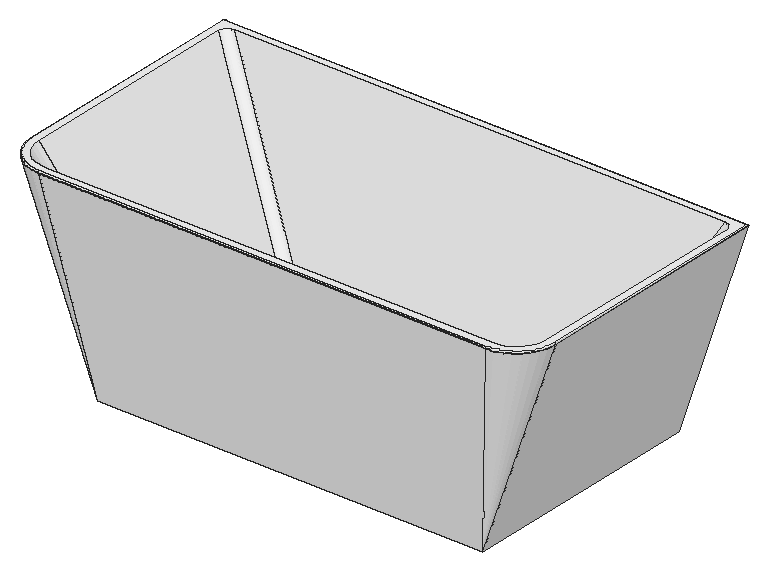
Revit family "Plum Fix_Bath_Argent_Vista 1500 BTW Freestanding", category Plumbing Fixtures, Revit 2016
Family settings
  Part Type = Normal
  Round Connector Dimension = Use Diameter
  OmniClass Number = 23.45.05.14.21
  OmniClass Title = Bathtubs
  Work Plane-Based = No
  Always vertical = Yes
  Cut with Voids When Loaded = Yes
  Shared = No
  Room Calculation Point = No
Parameters (values of type "White")
  Waste Connection = yes
  WFU = 0
  Vent Connection = no
  URL = "https://www.argentaust.com.au/"
  Type Comments = "White Gloss Finish"
  ModifiedIssue_ANZRS = 20190423
  Model = "FS830115"  # constant formula
  Manufacturer_URL__Product Specific = "https://www.argentaust.com.au/argent-baths-freestanding-vista-1500-btw-freestanding-bath?item=9908"
  Manufacturer_Spec Code = Model  # "FS830115"
  Manufacturer_Overall Width = 1500 mm  # constant formula
  Manufacturer_Overall Height = 600 mm  # constant formula
  Manufacturer_Overall Depth = 800 mm  # constant formula
  Manufacturer_Height From FFL [instance] = 0 mm
  Manufacturer = "Argent"  # constant formula
  Keynote = ""
  HWFU = 0
  HW Connection = no
  Description = "Vista 1500 BTW FS Bath N OF"  # constant formula
  CreatedBy_ANZRS = "IGS BIM Solutions"  # constant formula
  CreatedByURL_ANZRS = "https://igsgroup.com.au/"
  Cost = 0
  CWFU = 0
  CW Connection = no
  Body Material = z_Argent_Ceramic White
  Assembly Code = ""
Reference planes
  plane 1 "Ref. Level": z = 0
  plane 2 "Center (Left/Right)": x = -4.48
  plane 3 "Left": x = -754.48
  plane 4 "Right": x = 745.52
  plane 5 "Center (Front/Back)": y = -400.5
  plane 6 "Back": y = -0.5
  plane 7 "Bottom": z = 0
  plane 8 "Front": y = -800.5
  plane 9 "Top": z = 600
  plane 10 "Bottom Offset": z = 120
Forms (mm)
  Revolve 1, void
    sketch origin (4267.2, -400.5, 2852.183) x (0, 0, 1) y (1, 0, 0)
      loop
        line (-2852.183, -4271.68) -> (-2852.183, -4296.68) -> (-2747.183, -4296.68) -> (-2747.183, -4306.68)
        arc (-2747.183, -4306.68) -> (-2744.254, -4313.751) -> (-2737.183, -4316.68) r 10
        line (-2737.183, -4316.68) -> (-2732.183, -4316.68) -> (-2732.183, -4271.68) -> (-2852.183, -4271.68)
      axis (-2732.183, -4271.68) -> (-2852.183, -4271.68)
    angle from 0 to 360
  Blend 2, solid, material "z_Argent_Ceramic White" <- "Body Material"
    base sketch origin (0, 0, 600) x (0, 1, 0) y (-1, 0, 0)
      loop
        line (-0.5, 554.48) -> (-700.5, 554.48) -> (-700.5, -545.52) -> (-0.5, -545.52) -> (-0.5, 554.48)
    top sketch origin (0, 0, 600) x (0, 1, 0) y (-1, 0, 0)
      loop
        line (-0.5, 754.48) -> (-690.5, 754.48)
        arc (-690.5, 754.48) -> (-768.282, 722.262) -> (-800.5, 644.48) r 110
        line (-800.5, 644.48) -> (-800.5, -635.52)
        arc (-800.5, -635.52) -> (-768.282, -713.302) -> (-690.5, -745.52) r 110
        line (-690.5, -745.52) -> (-0.5, -745.52) -> (-0.5, 754.48)
    from -600 to -5
  Blend 3, void
    base sketch origin (0, 0, 600) x (0, 1, 0) y (-1, 0, 0)
      loop
        arc (-150.5, 429.48) -> (-157.822, 447.158) -> (-175.5, 454.48) r 25
        line (-175.5, 454.48) -> (-600.5, 454.48)
        arc (-600.5, 454.48) -> (-635.855, 439.835) -> (-650.5, 404.48) r 50
        line (-650.5, 404.48) -> (-650.5, -395.52)
        arc (-650.5, -395.52) -> (-635.855, -430.875) -> (-600.5, -445.52) r 50
        line (-600.5, -445.52) -> (-175.5, -445.52)
        arc (-175.5, -445.52) -> (-157.822, -438.198) -> (-150.5, -420.52) r 25
        line (-150.5, -420.52) -> (-150.5, 429.48)
    top sketch origin (0, 0, 600) x (0, 1, 0) y (-1, 0, 0)
      loop
        arc (-23.5, 704.48) -> (-31.408, 723.572) -> (-50.5, 731.48) r 27
        line (-50.5, 731.48) -> (-690.5, 731.48)
        arc (-690.5, 731.48) -> (-752.018, 705.998) -> (-777.5, 644.48) r 87
        line (-777.5, 644.48) -> (-777.5, -635.52)
        arc (-777.5, -635.52) -> (-752.018, -697.038) -> (-690.5, -722.52) r 87
        line (-690.5, -722.52) -> (-50.5, -722.52)
        arc (-50.5, -722.52) -> (-31.408, -714.612) -> (-23.5, -695.52) r 27
        line (-23.5, -695.52) -> (-23.5, 704.48)
    from -480 to 0
  Extrusion 4, solid, material "z_Argent_Ceramic White" <- "Body Material"
    sketch origin (0, 0, 600) x (0, 1, 0) y (-1, 0, 0)
      loop
        line (-0.5, 754.48) -> (-690.5, 754.48)
        arc (-690.5, 754.48) -> (-768.282, 722.262) -> (-800.5, 644.48) r 110
        line (-800.5, 644.48) -> (-800.5, -635.52)
        arc (-800.5, -635.52) -> (-768.282, -713.302) -> (-690.5, -745.52) r 110
        line (-690.5, -745.52) -> (-0.5, -745.52) -> (-0.5, 754.48)
      loop
        arc (-25.5, 707.622) -> (-34.982, 722.709) -> (-51.802, 728.595) r 26.979
        line (-51.802, 728.595) -> (-689.563, 728.595)
        arc (-689.563, 728.595) -> (-746.859, 706.935) -> (-775.5, 652.789) r 86.615
        line (-775.5, 652.789) -> (-775.5, -643.829)
        arc (-775.5, -643.829) -> (-746.859, -697.975) -> (-689.563, -719.635) r 86.615
        line (-689.563, -719.635) -> (-51.802, -719.635)
        arc (-51.802, -719.635) -> (-34.982, -713.75) -> (-25.5, -698.662) r 26.979
        line (-25.5, -698.662) -> (-25.5, 707.622)
    from 0 to -5
  Sweep 5, void
    path origin (0, 0, 600) x (0, 1, 0) y (-1, 0, 0)
      loop
        line (-0.5, 754.48) -> (-690.5, 754.48)
        arc (-690.5, 754.48) -> (-768.282, 722.262) -> (-800.5, 644.48) r 110
        line (-800.5, 644.48) -> (-800.5, -635.52)
        arc (-800.5, -635.52) -> (-768.282, -713.302) -> (-690.5, -745.52) r 110
        line (-690.5, -745.52) -> (-0.5, -745.52) -> (-0.5, 754.48)
    profile origin (-4.48, -0.5, 600) x (0, 1, 0) y (0, 0, 1)
      loop
        line (0, 0) -> (-3, 0)
        arc (-3, 0) -> (-0.879, -0.879) -> (0, -3) r 3
        line (0, -3) -> (0, 0)
Cuts and joins
  Revolve 1, Blend 3 cuts Blend 2
  Blend 3, Sweep 5 cuts Extrusion 4
  joined: Blend 2, Extrusion 4
Lines and regions (mm)
  Masking region 1
    outline origin (745.52, 0, 0) x (0, 1, 0) y (0, 0, 1)
      loop
        line (-700.5, 0) -> (-0.5, 0) -> (-0.5, 597)
        arc (-0.5, 597) -> (-1.379, 599.121) -> (-3.5, 600) r 3
        line (-3.5, 600) -> (-797.5, 600)
        arc (-797.5, 600) -> (-799.621, 599.121) -> (-800.5, 597) r 3
        line (-800.5, 597) -> (-800.5, 595) -> (-700.5, 0)
  Masking region 2
    outline origin (0, -800.5, 0) x (0, 0, 1) y (-1, 0, 0)
      loop
        line (0, 554.48) -> (0, -545.52) -> (595, -745.52) -> (597, -745.52)
        arc (597, -745.52) -> (599.121, -744.641) -> (600, -742.52) r 3
        line (600, -742.52) -> (600, 751.48)
        arc (600, 751.48) -> (599.121, 753.601) -> (597, 754.48) r 3
        line (597, 754.48) -> (595, 754.48) -> (0, 554.48)
  Masking region 3
    outline origin (0, 0, 600) x (0, 1, 0) y (-1, 0, 0)
      loop
        arc (-690.5, 754.48) -> (-768.282, 722.262) -> (-800.5, 644.48) r 110
        line (-800.5, 644.48) -> (-800.5, -635.52)
        arc (-800.5, -635.52) -> (-768.282, -713.302) -> (-690.5, -745.52) r 110
        line (-690.5, -745.52) -> (-0.5, -745.52) -> (-0.5, 754.48) -> (-690.5, 754.48)
  symbolic lines, style "Basins/Sinks/Tubs", detail levels medium+fine
    curve 1: circle (-4.48, -400.5, 600) r 25 normal (0, 0, -1)
    curve 3: line (-731.48, -50.5, 600) -> (-731.48, -690.5, 600)
    curve 4: line (695.52, -23.5, 600) -> (-704.48, -23.5, 600)
    curve 5: line (722.52, -690.5, 600) -> (722.52, -50.5, 600)
    curve 6: line (-644.48, -777.5, 600) -> (635.52, -777.5, 600)
    curve 7: arc (-731.48, -690.5, 600) -> (-705.998, -752.018, 600) -> (-644.48, -777.5, 600) r 87
    curve 8: arc (-704.48, -23.5, 600) -> (-723.572, -31.408, 600) -> (-731.48, -50.5, 600) r 27
    curve 9: arc (722.52, -50.5, 600) -> (714.612, -31.408, 600) -> (695.52, -23.5, 600) r 27
    curve 10: arc (635.52, -777.5, 600) -> (697.038, -752.018, 600) -> (722.52, -690.5, 600) r 87
  symbolic lines, style "Basins/Sinks/Tubs", detail levels fine
    curve 2: circle (-4.48, -400.5, 600) r 45 normal (0, 0, -1)
    curve 11: line (-454.48, -175.5, 600) -> (-454.48, -600.5, 600)
    curve 12: line (420.52, -150.5, 600) -> (-429.48, -150.5, 600)
    curve 13: line (445.52, -600.5, 600) -> (445.52, -175.5, 600)
    curve 14: line (-404.48, -650.5, 600) -> (395.52, -650.5, 600)
    curve 15: arc (395.52, -650.5, 600) -> (430.875, -635.855, 600) -> (445.52, -600.5, 600) r 50
    curve 16: arc (445.52, -175.5, 600) -> (438.198, -157.822, 600) -> (420.52, -150.5, 600) r 25
    curve 17: arc (-454.48, -600.5, 600) -> (-439.835, -635.855, 600) -> (-404.48, -650.5, 600) r 50
    curve 18: arc (-429.48, -150.5, 600) -> (-447.158, -157.822, 600) -> (-454.48, -175.5, 600) r 25
Text (mm)
  text "Disclaimer:\n\nDue to ongoing product development and manufacturing evolution, product details are subject to change without notice. Please refer to product technical data sheets on the manufacturer’s website for the most current product information. Please allow a +/- 5mm manufacturing tolerance for dimensions and set-outs shown in product literature." at (981.595, -230.497, 0), in view "Ref. Level_Instruction"
Dimensions and locks
  "Manufacturer_Overall Height": plane 9 "Top" to plane 7 "Bottom"
  equal spacing: plane 3 "Left", plane 2 "Center (Left/Right)", plane 4 "Right"
  "Manufacturer_Overall Width": plane 3 "Left" to plane 4 "Right"
  "Manufacturer_Overall Depth": plane 8 "Front" to plane 6 "Back"
  equal spacing: plane 8 "Front", plane 5 "Center (Front/Back)", plane 6 "Back"
  "Manufacturer_Height From FFL": plane 7 "Bottom" to level
  locked: plane 10 "Bottom Offset" to plane 7 "Bottom" at 120
  aligned and locked: Revolve 1 sketch curve to plane 2 "Center (Left/Right)"
  aligned and locked: plane 7 "Bottom" to Revolve 1 sketch curve
  aligned and locked: plane 7 "Bottom" to Blend 2
  aligned and locked: Blend 3 to Revolve 1
Automatic sketch dimensions
  Revolve 1 sketch curve to plane 2 "Center (Left/Right)" = 0 mm
  Revolve 1 sketch curve to plane 10 "Bottom Offset" = 0 mm
  plane 10 "Bottom Offset" to Revolve 1 sketch curve = 5 mm
  Revolve 1 sketch curve to Revolve 1 sketch curve = 25 mm
  Revolve 1 sketch curve to Revolve 1 sketch curve = 10 mm  (x2)
  Revolve 1 sketch curve to level = 34.494 mm
  Revolve 1 sketch curve to Revolve 1 sketch curve = 163.693 mm
  curve 1 to curve 2 = 0 mm  (x2)
  curve 2 to plane 2 "Center (Left/Right)" = 0 mm
  curve 2 to plane 5 "Center (Front/Back)" = 0 mm
  Blend 2 sketch curve to plane 6 "Back" = 0 mm  (x2)
  plane 3 "Left" to Blend 2 sketch curve = 200 mm
  Blend 2 sketch curve to plane 4 "Right" = 200 mm
  Blend 2 sketch curve to plane 8 "Front" = 100 mm
  Blend 3 sketch curve to plane 8 "Front" = 150 mm
  Blend 3 sketch curve to Blend 3 sketch curve = 50 mm  (x2)
  Blend 3 sketch curve to plane 6 "Back" = 175 mm  (x2)
  Blend 3 sketch curve to Blend 3 sketch curve = 25 mm
  Blend 3 sketch curve to plane 4 "Right" = 300 mm
  plane 3 "Left" to Blend 3 sketch curve = 350 mm
  plane 8 "Front" to Extrusion 4 sketch curve = 0 mm
  Extrusion 4 sketch curve to plane 4 "Right" = 0 mm
  Extrusion 4 sketch curve to plane 3 "Left" = 0 mm
  Extrusion 4 sketch curve to plane 6 "Back" = 0 mm
  Extrusion 4 sketch curve to plane 6 "Back" = 25 mm
  Blend 3 sketch curve to plane 8 "Front" = 23 mm
  plane 3 "Left" to Blend 3 sketch curve = 23 mm
  Blend 3 sketch curve to plane 8 "Front" = 110 mm  (x2)
  Blend 3 sketch curve to plane 4 "Right" = 23 mm
  Blend 3 sketch curve to plane 6 "Back" = 50 mm  (x2)
  Blend 3 sketch curve to plane 6 "Back" = 23 mm
  Extrusion 4 sketch curve to plane 8 "Front" = 25 mm
  Extrusion 4 sketch curve to Extrusion 4 sketch curve = 8.309 mm  (x2)
  Extrusion 4 sketch curve to Extrusion 4 sketch curve = 26.302 mm  (x2)
  Extrusion 4 sketch curve to Extrusion 4 sketch curve = 6.006 mm  (x2)
  plane 3 "Left" to Extrusion 4 sketch curve = 25.885 mm
  Extrusion 4 sketch curve to Extrusion 4 sketch curve = 0.937 mm
  Extrusion 4 sketch curve to Extrusion 4 sketch curve = 2.5 mm  (x2)
  Extrusion 4 sketch curve to plane 4 "Right" = 25.885 mm
  Extrusion 4 sketch curve to Extrusion 4 sketch curve = 0.938 mm
  plane 8 "Front" to Sweep 5 sketch curve = 0 mm
  Sweep 5 sketch curve to plane 3 "Left" = 0 mm
  Sweep 5 sketch curve to plane 4 "Right" = 0 mm
  Sweep 5 sketch curve to plane 6 "Back" = 0 mm
  Sweep 5 sketch curve to plane 4 "Right" = 110 mm
  Sweep 5 sketch curve to plane 8 "Front" = 110 mm
  Sweep 5 sketch curve to profile plane = 0 mm  (x2)
  Sweep 5 sketch curve to Sweep 5 sketch curve = 3 mm  (x2)
  plane 9 "Top" to Sweep 5 sketch curve = 3 mm
  plane 9 "Top" to Sweep 5 sketch curve = 0 mm  (x2)
  plane 8 "Front" to Blend 2 sketch curve = 0 mm
  Blend 2 sketch curve to plane 3 "Left" = 0 mm
  Blend 2 sketch curve to plane 4 "Right" = 0 mm
  Blend 2 sketch curve to Blend 2 sketch curve = 110 mm
  Blend 2 sketch curve to plane 8 "Front" = 110 mm
  plane 8 "Front" to Masking region 3 sketch curve = 0 mm
  Masking region 3 sketch curve to plane 3 "Left" = 0 mm
  Masking region 3 sketch curve to Masking region 3 sketch curve = 110 mm
  Masking region 3 sketch curve to plane 4 "Right" = 110 mm
  Masking region 3 sketch curve to plane 4 "Right" = 0 mm
  Masking region 3 sketch curve to plane 6 "Back" = 0 mm
  curve 7 to plane 8 "Front" = 110 mm
  curve 6 to plane 8 "Front" = 23 mm
  plane 3 "Left" to curve 6 = 110 mm
  curve 5 to plane 4 "Right" = 23 mm
  curve 4 to plane 6 "Back" = 23 mm
  curve 6 to plane 4 "Right" = 110 mm
  curve 5 to curve 4 = 27 mm
  curve 4 to curve 3 = 27 mm
  Masking region 2 sketch curve to plane 7 "Bottom" = 0 mm
  Masking region 2 sketch curve to plane 3 "Left" = 0 mm
  Masking region 2 sketch curve to plane 4 "Right" = 0 mm
  Masking region 2 sketch curve to plane 9 "Top" = 0 mm
  plane 9 "Top" to Masking region 2 sketch curve = 5 mm  (x2)
  Masking region 2 sketch curve to Masking region 2 sketch curve = 2 mm  (x2)
  Masking region 2 sketch curve to plane 4 "Right" = 200 mm
  plane 3 "Left" to Masking region 2 sketch curve = 200 mm
  Masking region 1 sketch curve to plane 8 "Front" = 0 mm
  plane 9 "Top" to Masking region 1 sketch curve = 0 mm
  plane 7 "Bottom" to Masking region 1 sketch curve = 0 mm
  Masking region 1 sketch curve to plane 6 "Back" = 0 mm
  Masking region 1 sketch curve to Masking region 1 sketch curve = 3 mm
  Masking region 1 sketch curve to plane 8 "Front" = 100 mm
  Masking region 1 sketch curve to plane 6 "Back" = 3 mm
  Masking region 1 sketch curve to Masking region 1 sketch curve = 2 mm
  curve 14 to plane 8 "Front" = 150 mm
  curve 15 to curve 13 = 50 mm
  curve 10 to curve 13 = 190 mm
  curve 11 to plane 6 "Back" = 175 mm
  curve 13 to plane 6 "Back" = 175 mm
  curve 13 to curve 12 = 25 mm
  curve 14 to curve 7 = 240 mm
  curve 14 to curve 11 = 50 mm
  radius of curve 1 = 25 mm
  radius of curve 2 = 45 mm
Connectors
  piping at (-4.48, -400.5, 0), diameter 50
    settings: on cut or joined group of Revolve 1, Blend 2, Blend 3, Extrusion 4, Sweep 5, index 1, connector inside diameter 609.6 mm, connector length 0 mm, flow factor 0, pipe flow 0.000 L/s, pressure drop 0.0 Pa, fitting loss kfactor 0, connector angle 0.00°, fixture units 0, engagement length 0 mm, angle of deflection 0.00°, flow configuration 2, flow direction 2, fitting loss method 4, system type 16, joint type 0, gender type 0, connector reference index -1, connector utility 0, adjustable connector no, is connector primary yes, connector description "Waste Outlet"
